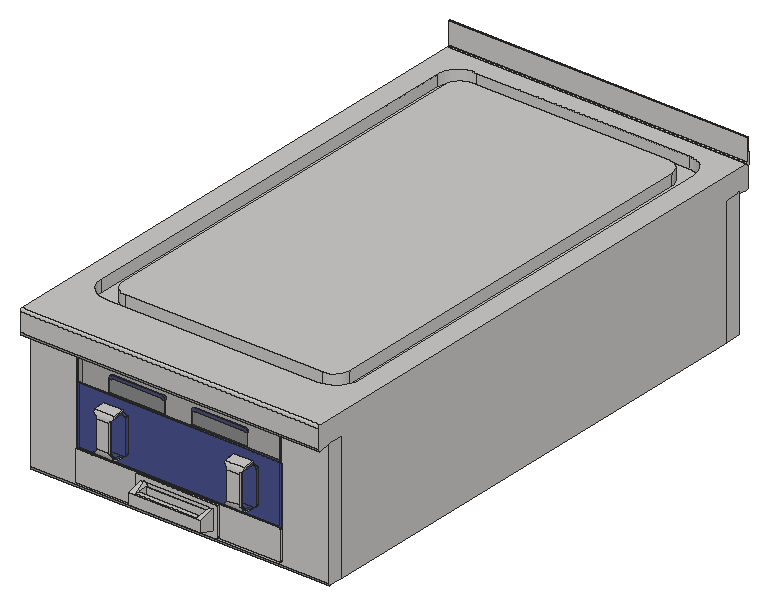
Revit family "QF_ELECTROLUXPROFESSIONAL_589004_MCLBABEOAO", category Specialty Equipment, Revit 2018
Family settings
  Round Connector Dimension = Use Diameter
  Part Type = Normal
  Work Plane-Based = No
  Always vertical = Yes
  Cut with Voids When Loaded = No
  Shared = No
  Room Calculation Point = No
Parameters
  Weight in Pounds = 165.3
  Watts = 6000 VA  # 6000 W
  Volts = 400 V  # constant formula
  URL Cutsheet = ""
  Type Mark [instance] = ""
  Status [instance] = ""
  Specification by User [instance] = ""
  Specification by Manufacturer = ""
  Show Clearance [instance] = yes
  Serial Number = ""
  Seismic Rating = ""
  SMACNA No = ""
  Revision Code [instance] = ""
  Phase = 3  # constant formula
  Omniclass Number and Title = ""
  Number of Poles [instance] = 1
  NAFEM Spec ID Number = ""
  Model = "589004"
  Min Ckt Ampacity = 0 A
  Max Overcurrent Protection = 0 A
  Masterspec = ""
  Manufacturer = "ELECTROLUX"
  Item Number [instance] = ""
  Installed By [instance] = ""
  Identify Quantity as Lot [instance] = yes
  HP = "8 HP"
  Furnished By [instance] = ""
  Foodservice Equipment Identifier [instance] = yes
  FL Amps [instance] = if(Phase = 3, Watts / (Volts * 1.73), Watts / Volts)  # 8.67052 A
  Electrical Remarks = "400 V/3N ph/50/60 Hz"  # constant formula
  Electric Connection Type [instance] = ""
  Elec Conn RI Height [instance] = 0 mm
  Elec Conn Connection Height [instance] = 0 mm
  Direct Waste Size = 0"
  Description = "EL.SOLID TOP,2ZONE,ECO,1S,BS,500X900X250"
  Cycle [instance] = if([60 Hertz Option], 60 Hz, 50 Hz)  # 60 Hz
  Conn Plug = ""
  Conn Conduit = yes
  CSI MasterFormat = ""
  CSI Master Format = ""
  Back Panel [instance] = yes
  Apparent Power [instance] = if(Phase = 3, Volts * FL Amps * 1.73, Volts * FL Amps)  # 6000 VA
  60 Hertz Option [instance] = not([50 Hertz Option])  # yes
  50 Hertz Option [instance] = no
Reference planes
  plane 1 "BACK": y = 0
  plane 2: z = 0
  plane 3 "LEFT": x = 0
  plane 4 "RIGHT": x = 500
  plane 5 "FRONT": y = -900
  plane 6 "TOP": z = 250
  plane 7: x = 250
  plane 8: y = -450
  plane 9: z = 582.185
  plane 10: x = 455
  plane 11: y = -1330
Forms (mm)
  Extrusion 1, solid, material "QF_Finishes_Stainless Steel"
    sketch origin (0, -487.128, 0) x (0, 1, 0) y (0, 0, 1)
      loop
        line (483.128, 250) -> (-408.872, 250)
        arc (-408.872, 250) -> (-411.7, 248.828) -> (-412.872, 246) r 4
        line (-412.872, 246) -> (-412.872, 214)
        arc (-412.872, 214) -> (-411.443, 210.936) -> (-408.177, 210.061) r 4
        line (-408.177, 210.061) -> (-391.509, 213) -> (-366.872, 213) -> (-366.872, 0) -> (441.128, 0) -> (441.128, 213) -> (465.765, 213) -> (482.433, 210.061)
        arc (482.433, 210.061) -> (485.699, 210.936) -> (487.128, 214) r 4
        line (487.128, 214) -> (487.128, 246)
        arc (487.128, 246) -> (485.956, 248.828) -> (483.128, 250) r 4
    from 0 to 500
  Extrusion 2, solid, material "QF_Finishes_Stainless Steel", visible <- "Back Panel"
    sketch origin (0, 0, 0) x (0, 1, 0) y (0, 0, 1)
      loop
        line (-46, 0) -> (-20, 0) -> (-20, 215)
        arc (-20, 215) -> (-20.586, 213.586) -> (-22, 213) r 2
        line (-22, 213) -> (-46, 213) -> (-46, 0)
    from 0 to 500
  Extrusion 3, void
    sketch origin (653.786, 44.048, 250) x (1, 0, 0) y (0, -1, 0)
      loop
        arc (-619.186, 115.648) -> (-608.349, 89.485) -> (-582.186, 78.648) r 37
        line (-582.186, 78.648) -> (-225.386, 78.648)
        arc (-225.386, 78.648) -> (-199.223, 89.485) -> (-188.386, 115.648) r 37
        line (-188.386, 115.648) -> (-188.386, 816.572)
        arc (-188.386, 816.572) -> (-199.656, 843.779) -> (-226.863, 855.048) r 38.476
        line (-226.863, 855.048) -> (-582.186, 855.048)
        arc (-582.186, 855.048) -> (-608.349, 844.211) -> (-619.186, 818.048) r 37
        line (-619.186, 818.048) -> (-619.186, 115.648)
    from 0 to 19.1
  Extrusion 4, solid, material "QF_Finishes_Stainless Steel"
    sketch origin (0, -854, 0) x (1, 0, 0) y (0, -1, 0)
      loop
        circle (455, -169) r 6.35
    from 0 to 3.2
  Extrusion 5, solid, material "QF_Finishes_Stainless Steel"
    sketch origin (653.786, 109.048, 230.9) x (1, 0, 0) y (0, 1, 0)
      loop
        arc (-568.386, -169.048) -> (-586.347, -176.488) -> (-593.786, -194.448) r 25.4
        line (-593.786, -194.448) -> (-593.786, -869.248)
        arc (-593.786, -869.248) -> (-586.347, -887.209) -> (-568.386, -894.648) r 25.4
        line (-568.386, -894.648) -> (-239.186, -894.648)
        arc (-239.186, -894.648) -> (-221.226, -887.209) -> (-213.786, -869.248) r 25.4
        line (-213.786, -869.248) -> (-213.786, -194.448)
        arc (-213.786, -194.448) -> (-221.226, -176.488) -> (-239.186, -169.048) r 25.4
        line (-239.186, -169.048) -> (-568.386, -169.048)
    from 0 to 19.1
  Extrusion 6, solid, material "QF_Door-Drawer Clearances", visible <- "Show Clearance", detail levels coarse
    sketch origin (287.31, -881.593, 8.62) x (0, 0, 1) y (-1, 0, 0)
      loop
        line (1.973, -134.295) -> (49.317, -134.295)
        arc (49.317, -134.295) -> (50.776, -133.691) -> (51.38, -132.232) r 2.063
        line (51.38, -132.232) -> (51.38, 206.852)
        arc (51.38, 206.852) -> (50.88, 208.549) -> (49.541, 209.705) r 3.133
        line (49.541, 209.705) -> (3.067, 209.705)
        arc (3.067, 209.705) -> (0.898, 208.807) -> (0, 206.638) r 3.067
        line (0, 206.638) -> (0, -132.322)
        arc (0, -132.322) -> (0.578, -133.717) -> (1.973, -134.295) r 1.973
    from 0 to 448.407
  Extrusion 7, solid, material "QF_Finishes_Stainless Steel"
    sketch origin (0, -950.048, 294.179) x (0, -1, 0) y (0, 0, -1)
      loop
        arc (-948.097, 42.179) -> (-947.511, 43.594) -> (-946.097, 44.179) r 2
        arc (-946.097, 44.179) -> (-948.877, 45.357) -> (-950.048, 48.185) r 4
        line (-950.048, 48.185) -> (-950.048, 6.179) -> (-948.097, 6.179) -> (-948.097, 42.179)
    from 0 to 500
Cuts and joins
  Extrusion 3 cuts Extrusion 1
Lines and regions (mm)
  symbolic lines
    curve 1: line (0, 0, 0) -> (500, 0, 0)
    curve 2: line (0, -900, 0) -> (0, 0, 0)
    curve 3: line (500, -900, 0) -> (0, -900, 0)
    curve 4: line (500, 0, 0) -> (500, -900, 0)
    curve 5: line (124.883, -902.326, 0) -> (124.883, -900, 0)
    curve 6: spline (130.551, -903.73, 0) -> (130.073, -903.657, 0) -> (129.595, -903.575, 0) -> (129.118, -903.486, 0) -> (128.642, -903.389, 0) -> (128.167, -903.283, 0) -> (127.693, -903.17, 0) -> (127.221, -903.049, 0) -> (126.75, -902.92, 0) -> (126.281, -902.783, 0) -> (125.813, -902.638, 0) -> (125.347, -902.486, 0) -> (124.883, -902.326, 0)
    curve 7: line (157.098, -902.326, 0) -> (157.098, -900, 0)
    curve 8: spline (157.098, -902.326, 0) -> (156.634, -902.486, 0) -> (156.168, -902.638, 0) -> (155.7, -902.783, 0) -> (155.231, -902.92, 0) -> (154.76, -903.049, 0) -> (154.287, -903.17, 0) -> (153.814, -903.283, 0) -> (153.339, -903.389, 0) -> (152.863, -903.486, 0) -> (152.386, -903.575, 0) -> (151.908, -903.657, 0) -> (151.429, -903.73, 0)
    curve 9: line (130.551, -903.73, 0) -> (151.429, -903.73, 0)
    curve 10: line (375.117, -902.326, 0) -> (375.117, -900, 0)
    curve 11: spline (369.449, -903.73, 0) -> (369.927, -903.657, 0) -> (370.405, -903.575, 0) -> (370.882, -903.486, 0) -> (371.358, -903.389, 0) -> (371.833, -903.283, 0) -> (372.307, -903.17, 0) -> (372.779, -903.049, 0) -> (373.25, -902.92, 0) -> (373.719, -902.783, 0) -> (374.187, -902.638, 0) -> (374.653, -902.486, 0) -> (375.117, -902.326, 0)
    curve 12: line (342.902, -902.326, 0) -> (342.902, -900, 0)
    curve 13: spline (342.902, -902.326, 0) -> (343.366, -902.486, 0) -> (343.832, -902.638, 0) -> (344.3, -902.783, 0) -> (344.769, -902.92, 0) -> (345.24, -903.049, 0) -> (345.713, -903.17, 0) -> (346.186, -903.283, 0) -> (346.661, -903.389, 0) -> (347.137, -903.486, 0) -> (347.614, -903.575, 0) -> (348.092, -903.657, 0) -> (348.571, -903.73, 0)
    curve 14: line (369.449, -903.73, 0) -> (348.571, -903.73, 0)
    curve 26: line (414.6, -60, 0) -> (85.4, -60, 0)
    curve 27: arc (85.4, -60, 0) -> (67.439, -67.439, 0) -> (60, -85.4, 0) r 25.4
    curve 28: line (60, -85.4, 0) -> (60, -760.2, 0)
    curve 29: arc (60, -760.2, 0) -> (67.439, -778.161, 0) -> (85.4, -785.6, 0) r 25.4
    curve 30: line (85.4, -785.6, 0) -> (414.6, -785.6, 0)
    curve 31: arc (414.6, -785.6, 0) -> (432.561, -778.161, 0) -> (440, -760.2, 0) r 25.4
    curve 32: line (440, -760.2, 0) -> (440, -85.4, 0)
    curve 33: arc (440, -85.4, 0) -> (432.561, -67.439, 0) -> (414.6, -60, 0) r 25.4
    curve 34: line (0, -1.951, 0) -> (500, -1.951, 0)
    curve 35: line (197.608, -908.767, 0) -> (300.042, -908.767, 0)
    curve 36: line (300.042, -908.767, 0) -> (301.62, -900, 0)
    curve 37: line (197.608, -908.767, 0) -> (196.03, -900, 0)
  symbolic lines, style "QF_Door-Drawer Clearances"
    curve 15: line (77.605, -1330, 0) -> (77.605, -900, 0)
    curve 16: line (77.605, -1330, 0) -> (421.605, -1330, 0)
    curve 17: line (421.605, -1330, 0) -> (421.605, -900, 0)
  symbolic lines, style "SpecialityEquipment"
    curve 18: line (71.6, -34.6, 0) -> (428.4, -34.6, 0)
    curve 19: arc (428.4, -34.6, 0) -> (454.563, -45.437, 0) -> (465.4, -71.6, 0) r 37
    curve 20: line (465.4, -71.6, 0) -> (465.4, -772.524, 0)
    curve 21: arc (465.4, -772.524, 0) -> (454.131, -799.731, 0) -> (426.924, -811, 0) r 38.476
    curve 22: line (426.924, -811, 0) -> (71.6, -811, 0)
    curve 23: arc (71.6, -811, 0) -> (45.437, -800.163, 0) -> (34.6, -774, 0) r 37
    curve 24: line (34.6, -774, 0) -> (34.6, -71.6, 0)
    curve 25: arc (34.6, -71.6, 0) -> (45.437, -45.437, 0) -> (71.6, -34.6, 0) r 37
Dimensions and locks
  plane 3 "LEFT" to plane 4 "RIGHT" = 500 mm
  plane 5 "FRONT" to plane 1 "BACK" = 900 mm
  equal spacing: plane 3 "LEFT", plane 7, plane 4 "RIGHT"
  equal spacing: plane 5 "FRONT", plane 8, plane 1 "BACK"
  plane 6 "TOP" to level = 250 mm  (x2)
  plane 1 "BACK" to plane 5 "FRONT" = 900 mm
  Extrusion 4 sketch curve to plane 1 "BACK" = 685 mm
  Extrusion 4 sketch curve to plane 4 "RIGHT" = 45 mm
  plane 1 "BACK" to Extrusion 4 = 685 mm
  plane 10 to plane 4 "RIGHT" = 45 mm
  aligned and locked: level to plane 2
  aligned and locked: cut or joined group of Extrusion 1, Extrusion 3 to plane 4 "RIGHT"
  aligned and locked: Extrusion 2 to plane 4 "RIGHT"
  aligned and locked: plane 7 to nested 1
Automatic sketch dimensions
  Extrusion 2 sketch curve to Extrusion 2 sketch curve = 26 mm
  plane 1 "BACK" to Extrusion 2 sketch curve = 22 mm
  Extrusion 2 sketch curve to Extrusion 2 sketch curve = 2 mm
  level to Extrusion 2 sketch curve = 213 mm
  Extrusion 1 sketch curve to plane 5 "FRONT" = 0 mm
  Extrusion 1 sketch curve to plane 6 "TOP" = 0 mm
  Extrusion 1 sketch curve to level = 0 mm
  Extrusion 1 sketch curve to plane 1 "BACK" = 0 mm
  Extrusion 1 sketch curve to plane 6 "TOP" = 37 mm  (x2)
  Extrusion 1 sketch curve to plane 5 "FRONT" = 4 mm
  Extrusion 1 sketch curve to plane 5 "FRONT" = 21.363 mm
  Extrusion 1 sketch curve to plane 5 "FRONT" = 46 mm
  plane 1 "BACK" to Extrusion 1 sketch curve = 21.363 mm
  plane 1 "BACK" to Extrusion 1 sketch curve = 4 mm  (x2)
  Extrusion 1 sketch curve to Extrusion 1 sketch curve = 4 mm
  Extrusion 1 sketch curve to Extrusion 1 sketch curve = 0.695 mm
  Extrusion 1 sketch curve to Extrusion 1 sketch curve = 0 mm  (x4)
  plane 1 "BACK" to Extrusion 1 sketch curve = 4.695 mm
  Extrusion 1 sketch curve to Extrusion 1 sketch curve = 1 mm  (x2)
  plane 1 "BACK" to Extrusion 1 sketch curve = 46 mm
  level to Extrusion 6 sketch curve = 8.62 mm
  level to Extrusion 6 sketch curve = 57.937 mm
  plane 4 "RIGHT" to Extrusion 6 sketch curve = 78.395 mm
  Extrusion 6 sketch curve to Extrusion 6 sketch curve = 1.973 mm
  Extrusion 6 sketch curve to Extrusion 6 sketch curve = 3.067 mm
  Extrusion 6 sketch curve to plane 7 = 172.395 mm
  Extrusion 6 sketch curve to Extrusion 6 sketch curve = 46.474 mm
  Extrusion 6 sketch curve to Extrusion 6 sketch curve = 2.063 mm
  Extrusion 6 sketch curve to Extrusion 6 sketch curve = 3.133 mm
  Extrusion 1 to Extrusion 3 sketch curve = 34.6 mm  (x2)
  Extrusion 1 to Extrusion 3 sketch curve = 85 mm
  Extrusion 1 to Extrusion 3 sketch curve = 30.6 mm
  Extrusion 3 sketch curve to Extrusion 3 sketch curve = 37 mm  (x2)
  Extrusion 1 to Extrusion 3 sketch curve = 73.076 mm
  Extrusion 1 to Extrusion 3 sketch curve = 71.6 mm
  Extrusion 5 sketch curve to Extrusion 3 = 25.4 mm  (x3)
  Extrusion 5 sketch curve to Extrusion 5 sketch curve = 25.4 mm  (x2)
  Extrusion 5 sketch curve to Extrusion 3 = 50.8 mm  (x3)
  Extrusion 7 sketch curve to plane 1 "BACK" = 0 mm  (x2)
  Extrusion 7 sketch curve to plane 6 "TOP" = 2 mm
  Extrusion 7 sketch curve to plane 6 "TOP" = 0 mm
  Extrusion 7 sketch curve to Extrusion 7 sketch curve = 1.951 mm
  plane 6 "TOP" to Extrusion 7 sketch curve = 0.006 mm
  Extrusion 7 sketch curve to Extrusion 7 sketch curve = 0.049 mm
  Extrusion 7 sketch curve to Extrusion 7 sketch curve = 36 mm
  Extrusion 7 sketch curve to Extrusion 7 sketch curve = 0 mm
  plane 1 "BACK" to curve 1 = 0 mm
  curve 1 to plane 4 "RIGHT" = 0 mm
  curve 17 to plane 11 = 0 mm
  curve 2 to plane 3 "LEFT" = 0 mm
  plane 5 "FRONT" to curve 37 = 0 mm
  curve 20 to plane 10 = 10.4 mm
  plane 10 to curve 32 = 15 mm
  plane 10 to curve 18 = 26.6 mm
  plane 10 to curve 22 = 28.076 mm
  plane 10 to curve 17 = 33.395 mm
  curve 21 to curve 30 = 12.324 mm
  curve 19 to curve 26 = 13.8 mm
  plane 5 "FRONT" to curve 10 = 2.326 mm
  curve 17 to curve 10 = 46.488 mm
  plane 5 "FRONT" to curve 14 = 3.73 mm
  curve 10 to curve 14 = 5.669 mm
  curve 14 to curve 14 = 20.878 mm
  plane 5 "FRONT" to curve 12 = 2.326 mm
  curve 14 to curve 12 = 5.669 mm
  curve 13 to curve 36 = 42.859 mm
  plane 5 "FRONT" to curve 7 = 2.326 mm
  curve 7 to plane 7 = 92.902 mm
  plane 5 "FRONT" to curve 9 = 3.73 mm
  curve 7 to curve 9 = 5.669 mm
  curve 9 to curve 9 = 20.878 mm
  plane 5 "FRONT" to curve 5 = 2.326 mm
  curve 9 to curve 5 = 5.669 mm
  plane 3 "LEFT" to curve 26 = 85.4 mm
  plane 3 "LEFT" to curve 30 = 85.4 mm
  plane 3 "LEFT" to curve 15 = 77.605 mm
  curve 27 to curve 18 = 13.8 mm
  curve 30 to curve 22 = 13.8 mm
  curve 23 to curve 28 = 11.6 mm
  curve 27 to curve 24 = 25.4 mm
  plane 5 "FRONT" to curve 11 = 4.032 mm
  curve 14 to curve 11 = 4.17 mm
  plane 5 "FRONT" to curve 13 = 4.032 mm
  curve 13 to curve 13 = 4.17 mm
  curve 36 to curve 35 = 1.578 mm
  plane 5 "FRONT" to curve 37 = 8.767 mm
  curve 37 to curve 8 = 40.51 mm
  curve 37 to curve 37 = 1.578 mm
  curve 7 to curve 8 = 9.839 mm
  curve 8 to curve 6 = 12.538 mm
  plane 1 "BACK" to curve 18 = 34.6 mm
  curve 26 to curve 19 = 11.6 mm
  curve 28 to plane 5 "FRONT" = 139.8 mm
  curve 32 to curve 20 = 12.324 mm
  plane 1 "BACK" to curve 34 = 1.951 mm
  curve 8 to plane 5 "FRONT" = 39.101 mm
  curve 6 to curve 8 = 0 mm
  Extrusion 2 sketch curve to level = 0 mm
  radius of Extrusion 4 sketch curve = 6.35 mm
Nested families
  nested 1: "EST_900_500 mm Double Control Front Panel" at (252.376, -854, -650), type "EST_900_500 mm Double Control Front Panel"
Connectors
  electrical at (455, -685, -3.2), driven by "Volts", driven by "Watts"
    settings: on Extrusion 4, index 1, voltage 400 V, apparent load 6000 VA, apparent load phase1 0 VA, apparent load phase2 0 VA, apparent load phase3 0 VA, power factor 1, load classification "Other", number of poles 1, system type 30, power factor state 1, is connector primary yes, connector utility no, sub classification motor no, connector description "ELECTRICAL CONNECTION"
Definition of nested family "EST_900_500 mm Double Control Front Panel"
  Parameters
    Length = 500 mm
  Reference planes
    plane 1 "Center (Front/Back)": y = 0
    plane 2: z = 0
    plane 3 "Center (Left/Right)": x = -2.376
    plane 4: x = -252.376
    plane 5: x = 247.624
  Forms (mm)
    Extrusion 1, solid
      sketch origin (833.217, 829.203, -1.25) x (0, 1, 0) y (0, 0, 1)
        loop
          arc (-854.203, 654.25) -> (-853.324, 652.129) -> (-851.203, 651.25) r 3
          line (-851.203, 651.25) -> (-829.203, 651.25) -> (-829.203, 864.25) -> (-854.203, 864.25) -> (-854.203, 654.25)
      from -1085.593 to -585.593
    Extrusion 2, void
      sketch origin (33.217, 829.203, -1.25) x (1, 0, 0) y (0, 0, 1)
        loop
          line (-207.593, 852.364) -> (-207.593, 710.364) -> (136.407, 710.364) -> (136.407, 852.364) -> (-207.593, 852.364)
      from 843.409 to 854.203
  Cuts and joins
    Extrusion 2 cuts Extrusion 1
  Dimensions and locks
    equal spacing: plane 5, plane 3 "Center (Left/Right)", plane 4
    "Length": plane 5 to plane 4
    locked: nested 2 to plane 4 at 117.396
    locked: plane 5 to nested 1 at 117
    locked: nested 2 to plane 4 at 141.217
    locked: plane 5 to nested 1 at 140.821
    aligned and locked: cut or joined group of Extrusion 1, Extrusion 2 to plane 4
    aligned and locked: plane 5 to cut or joined group of Extrusion 1, Extrusion 2
    aligned and locked: plane 3 "Center (Left/Right)" to nested 3
  Automatic sketch dimensions
    Extrusion 1 sketch curve to plane 1 "Center (Front/Back)" = 0 mm
    plane 1 "Center (Front/Back)" to Extrusion 1 sketch curve = 22 mm
    Extrusion 1 sketch curve to Extrusion 1 sketch curve = 3 mm
    level to Extrusion 1 sketch curve = 650 mm
    Extrusion 1 sketch curve to Extrusion 1 sketch curve = 210 mm
    plane 4 to Extrusion 2 sketch curve = 78 mm
    Extrusion 2 sketch curve to plane 5 = 78 mm
    level to Extrusion 2 sketch curve = 709.114 mm
    Extrusion 2 sketch curve to Extrusion 2 sketch curve = 142 mm
  Nested families
    nested 1: "Range Control Handle" at (106.804, -28.137, -209.113), type "Range Control Handle"
    nested 2: "Range Control Handle" at (-111.159, -28.137, -209.113) x (-1, 0, 0) z (0, 0, 1), type "Range Control Handle"
    nested 3: "glass conrol panel One Right Side" at (-2.376, 278.697, 0), type "glass conrol panel One Right Side"
    nested 4: "grease trap door" at (65.223, -25, 0.608) x (-1, 0, 0) z (0, 0, 1), type "grease trap door"
  Definition of nested family "Range Control Handle"
    Reference planes
      plane 1 "Center (Front/Back)": y = 0
      plane 2: z = 0
      plane 3 "Center (Left/Right)": x = 0
      plane 4: z = 971.092
    Forms (mm)
      Extrusion 1, solid
        sketch origin (-746.28, 380.497, 208.931) x (-1, 0, 0) y (0, 0, 1)
          loop
            line (-770.101, 786.798) -> (-770.101, 731.649)
            arc (-770.101, 731.649) -> (-769.759, 730.563) -> (-768.855, 729.87) r 1.893
            line (-768.855, 729.87) -> (-763.474, 727.911) -> (-729.81, 727.911) -> (-724.428, 729.87)
            arc (-724.428, 729.87) -> (-723.525, 730.563) -> (-723.183, 731.649) r 1.893
            line (-723.183, 731.649) -> (-723.183, 786.798)
            arc (-723.183, 786.798) -> (-723.529, 787.894) -> (-724.44, 788.593) r 1.91
            line (-724.44, 788.593) -> (-729.683, 790.819) -> (-763.601, 790.819) -> (-768.844, 788.593)
            arc (-768.844, 788.593) -> (-769.755, 787.894) -> (-770.101, 786.798) r 1.91
        from -382.35 to -378.852
      Sweep 2, solid
        path origin (-746.788, 380.496, 208.091) x (0, -1, 0) y (0, 0, 1)
          loop
            line (379.775, 793.281) -> (395.661, 791.048)
            arc (395.661, 791.048) -> (397.781, 787.377) -> (398.517, 783.202) r 12.207
            line (398.517, 783.202) -> (398.517, 737.368)
            arc (398.517, 737.368) -> (397.781, 733.193) -> (395.661, 729.522) r 12.207
            line (395.661, 729.522) -> (379.775, 727.289)
        profile origin (-746.788, -7.222, 1000.256) x (0, -0.139173, 0.990268) y (-1, 0, 0)
          loop
            line (0.782, -763.123) -> (0.782, -730.907) -> (-1.322, -730.907) -> (-1.322, -763.123) -> (0.782, -763.123)
      Sweep 3, solid
        path origin (-746.788, 380.715, 207.832) x (0, -1, 0) y (0, 0, 1)
          loop
            line (380.478, 795.442) -> (397.218, 793.09)
            arc (397.218, 793.09) -> (399.929, 788.473) -> (400.871, 783.202) r 15.207
            line (400.871, 783.202) -> (400.871, 737.584)
            arc (400.871, 737.584) -> (399.914, 732.274) -> (397.164, 727.633) r 15.207
            line (397.164, 727.633) -> (380.601, 725.305)
        profile origin (-746.788, -8.132, 1002.099) x (0, -0.139173, 0.990268) y (-1, 0, 0)
          loop
            line (0.782, -763.123) -> (0.782, -730.907) -> (-1.322, -730.907) -> (-1.322, -763.123) -> (0.782, -763.123)
      Extrusion 4, void
        sketch origin (889.253, 220.666, 207.993) x (1, 0, 0) y (0, 0, 1)
          loop
            line (-943.038, 816.854) -> (-943.038, 703.686) -> (-899.466, 734.196) -> (-899.466, 786.344) -> (-943.038, 816.854)
        from 230.636 to 242.25
      Extrusion 5, void
        sketch origin (-888.8, 220.666, 207.993) x (-1, 0, 0) y (0, 0, -1)
          loop
            line (-943.038, -816.854) -> (-899.466, -786.344) -> (-899.466, -734.196) -> (-943.038, -703.686) -> (-943.038, -816.854)
        from 230.636 to 242.25
      Extrusion 6, solid
        sketch origin (0, 0, 0) x (1, 0, 0) y (0, 0, 1)
          loop
            circle (0, 971.092) r 7.736
        from -3.137 to -1.645
    Cuts and joins
      Extrusion 4, Extrusion 5 cuts Sweep 3
      Extrusion 4, Extrusion 5 cuts Sweep 2
      joined: Extrusion 1, Extrusion 6
    Lines and regions (mm)
      symbolic lines
        curve 1: line (23.821, 1.645, 0) -> (-23.097, 1.645, 0)
        curve 2: line (16.334, -1.853, 0) -> (23.821, -1.853, 0)
        curve 3: line (-15.881, -19.189, 0) -> (-15.881, -1.853, 0)
        curve 4: line (-23.097, -1.853, 0) -> (-15.881, -1.853, 0)
        curve 5: line (16.334, -19.189, 0) -> (16.334, -1.853, 0)
        curve 6: spline (-15.881, -19.189, 0) -> (-15.417, -19.349, 0) -> (-14.951, -19.501, 0) -> (-14.483, -19.646, 0) -> (-14.014, -19.783, 0) -> (-13.543, -19.912, 0) -> (-13.071, -20.033, 0) -> (-12.597, -20.146, 0) -> (-12.122, -20.251, 0) -> (-11.646, -20.349, 0) -> (-11.169, -20.438, 0) -> (-10.691, -20.52, 0) -> (-10.213, -20.593, 0)
        curve 7: spline (10.666, -20.593, 0) -> (11.144, -20.52, 0) -> (11.622, -20.438, 0) -> (12.099, -20.349, 0) -> (12.575, -20.251, 0) -> (13.05, -20.146, 0) -> (13.524, -20.033, 0) -> (13.996, -19.912, 0) -> (14.467, -19.783, 0) -> (14.936, -19.646, 0) -> (15.404, -19.501, 0) -> (15.87, -19.349, 0) -> (16.334, -19.189, 0)
        curve 8: line (-10.213, -20.938, 0) -> (10.716, -20.938, 0)
        curve 9: line (-23.097, 1.645, 0) -> (-23.097, -1.853, 0)
        curve 10: line (23.821, 1.645, 0) -> (23.821, -1.853, 0)
  Definition of nested family "glass conrol panel One Right Side"
    Reference planes
      plane 1 "Center (Front/Back)": y = 0
      plane 2: z = 0
      plane 3 "Center (Left/Right)": x = 0
    Forms (mm)
      Extrusion 1, solid
        sketch origin (378.286, 0, 0.617) x (1, 0, 0) y (0, 0, 1)
          loop
            line (-550.286, 806.791) -> (-550.286, 708.497) -> (-206.286, 708.497) -> (-206.286, 806.791) -> (-550.286, 806.791)
        from 300.031 to 304.8
      Extrusion 2, solid
        sketch origin (378.286, 0, 0.617) x (1, 0, 0) y (0, 0, 1)
          loop
            line (-550.286, 850.497) -> (-550.286, 806.791) -> (-206.286, 806.791) -> (-206.286, 850.497) -> (-550.286, 850.497)
        from 300.031 to 304.8
      Extrusion 3, void
        sketch origin (378.286, 0, 0.617) x (1, 0, 0) y (0, 0, 1)
          loop
            line (-547.628, 847.565) -> (-547.628, 710.699) -> (-209.196, 710.699) -> (-209.196, 847.565) -> (-547.628, 847.565)
        from 303.697 to 304.8
      Extrusion 4, solid
        sketch origin (377.536, 1.101, -0.633) x (1, 0, 0) y (0, 0, 1)
          loop
            line (-261.431, 812.62) -> (-261.431, 834.177) -> (-266.24, 834.177) -> (-268.039, 835.977) -> (-348.469, 835.977) -> (-350.269, 834.177) -> (-355.186, 834.177) -> (-355.186, 812.62) -> (-261.431, 812.62)
        from 304.798 to 306.745
      Extrusion 5, solid
        sketch origin (377.536, 1.101, -0.633) x (1, 0, 0) y (0, 0, 1)
          loop
            line (-350.269, 834.177) -> (-348.469, 835.977) -> (-268.039, 835.977) -> (-266.24, 834.177) -> (-261.529, 834.177)
            arc (-261.529, 834.177) -> (-262.706, 838.752) -> (-266.98, 840.763) r 5.549
            line (-266.98, 840.763) -> (-349.686, 840.763)
            arc (-349.686, 840.763) -> (-353.942, 838.747) -> (-355.078, 834.177) r 5.5
            line (-355.078, 834.177) -> (-350.269, 834.177)
        from 304.798 to 306.745
      Extrusion 6, solid
        sketch origin (-377.536, 1.101, -0.633) x (-1, 0, 0) y (0, 0, -1)
          loop
            line (-261.431, -812.62) -> (-355.186, -812.62) -> (-355.186, -834.177) -> (-350.269, -834.177) -> (-348.469, -835.977) -> (-268.039, -835.977) -> (-266.24, -834.177) -> (-261.431, -834.177) -> (-261.431, -812.62)
        from 304.798 to 306.745
      Extrusion 7, solid
        sketch origin (-377.536, 1.101, -0.633) x (-1, 0, 0) y (0, 0, -1)
          loop
            line (-350.269, -834.177) -> (-355.078, -834.177)
            arc (-355.078, -834.177) -> (-353.942, -838.747) -> (-349.686, -840.763) r 5.5
            line (-349.686, -840.763) -> (-266.98, -840.763)
            arc (-266.98, -840.763) -> (-262.706, -838.752) -> (-261.529, -834.177) r 5.549
            line (-261.529, -834.177) -> (-266.24, -834.177) -> (-268.039, -835.977) -> (-348.469, -835.977) -> (-350.269, -834.177)
        from 304.798 to 306.745
    Cuts and joins
      Extrusion 3 cuts Extrusion 1
      Extrusion 3 cuts Extrusion 2
      Extrusion 3 cuts Extrusion 4
      Extrusion 3 cuts Extrusion 5
    Dimensions and locks
      aligned and locked: Extrusion 1 to Extrusion 2
      aligned and locked: Extrusion 5 sketch curve to Extrusion 4  (x4)
      aligned and locked: Extrusion 4 to Extrusion 5 sketch curve
      aligned and locked: Extrusion 5 to Extrusion 4
      aligned and locked: Extrusion 7 sketch curve to Extrusion 6  (x5)
      aligned and locked: Extrusion 7 to Extrusion 6
  Definition of nested family "grease trap door"
    Reference planes
      plane 1 "Center (Front/Back)": y = 0
      plane 2: z = 0
      plane 3 "Center (Left/Right)": x = 0
    Forms (mm)
      Extrusion 1, solid
        sketch origin (1627.55, 854.203, -1.25) x (1, 0, 0) y (0, 0, 1)
          loop
            arc (-1627.55, 661.235) -> (-1626.972, 659.84) -> (-1625.577, 659.262) r 1.973
            line (-1625.577, 659.262) -> (-1494.325, 659.262)
            arc (-1494.325, 659.262) -> (-1492.156, 660.16) -> (-1491.258, 662.329) r 3.067
            line (-1491.258, 662.329) -> (-1491.258, 708.803)
            arc (-1491.258, 708.803) -> (-1492.414, 710.143) -> (-1494.111, 710.642) r 3.133
            line (-1494.111, 710.642) -> (-1625.486, 710.642)
            arc (-1625.486, 710.642) -> (-1626.945, 710.038) -> (-1627.55, 708.579) r 2.063
            line (-1627.55, 708.579) -> (-1627.55, 661.235)
        from 856.795 to 859.203
      Extrusion 2, solid
        sketch origin (445.874, 2476.61, 0) x (0, 1, 0) y (0, 0, 1)
          loop
            line (-2506.377, 675.273) -> (-2481.61, 667.505) -> (-2481.61, 700.995) -> (-2506.377, 693.227) -> (-2506.377, 675.273)
        from -437.68 to -317.68
      Extrusion 3, void
        sketch origin (1627.55, 854.203, -1.25) x (1, 0, 0) y (0, 0, 1)
          loop
            line (-1614.883, 703) -> (-1610.542, 695.433) -> (-1508.17, 695.433) -> (-1503.828, 703) -> (-1614.883, 703)
          loop
            line (-1614.883, 668) -> (-1502.669, 668) -> (-1507.01, 675.567) -> (-1610.542, 675.567) -> (-1614.883, 668)
        from 832.916 to 883.97
      Extrusion 4, void
        sketch origin (447.55, 854.203, -1.25) x (1, 0, 0) y (0, 0, 1)
          loop
            line (-430.542, 695.433) -> (-430.542, 675.567) -> (-328.17, 675.567) -> (-328.17, 695.433) -> (-430.542, 695.433)
        from 859.203 to 874.202
      Extrusion 5, solid
        sketch origin (1627.55, 854.203, -1.25) x (1, 0, 0) y (0, 0, 1)
          loop
            arc (-1731.556, 661.235) -> (-1730.978, 659.84) -> (-1729.583, 659.262) r 1.973
            line (-1729.583, 659.262) -> (-1390.623, 659.262)
            arc (-1390.623, 659.262) -> (-1388.454, 660.16) -> (-1387.556, 662.329) r 3.067
            line (-1387.556, 662.329) -> (-1387.556, 708.803)
            arc (-1387.556, 708.803) -> (-1388.712, 710.143) -> (-1390.409, 710.642) r 3.133
            line (-1390.409, 710.642) -> (-1729.493, 710.642)
            arc (-1729.493, 710.642) -> (-1730.952, 710.038) -> (-1731.556, 708.579) r 2.063
            line (-1731.556, 708.579) -> (-1731.556, 661.235)
        from 854.203 to 856.795
    Cuts and joins
      Extrusion 3 cuts Extrusion 1
      Extrusion 3, Extrusion 4 cuts Extrusion 2
      joined: Extrusion 1, Extrusion 2
    Lines and regions (mm)
      symbolic lines
        curve 1: line (0, -2.593, 0) -> (136.292, -2.593, 0)
        curve 2: line (17.557, -29.767, 0) -> (12.667, -2.593, 0)
        curve 3: line (17.557, -29.767, 0) -> (119.991, -29.767, 0)
        curve 4: line (119.991, -29.767, 0) -> (124.881, -2.593, 0)
        curve 5: line (68.146, -2.593, 0) -> (68.146, -29.767, 0)
      model lines
        curve 6: line (67.599, 0, 658.012) -> (67.599, 0, 709.392)
    Dimensions and locks
      aligned and locked: Extrusion 2 to Extrusion 1
      aligned and locked: Extrusion 3 to Extrusion 2
      aligned and locked: Extrusion 4 to Extrusion 1
